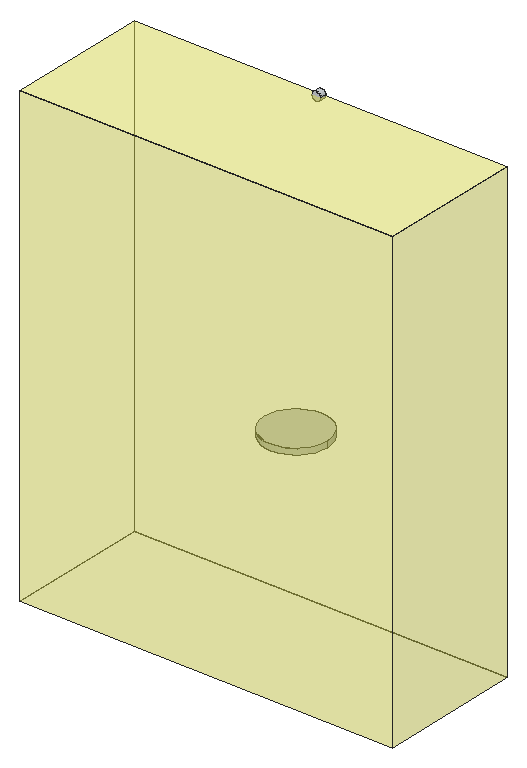
Revit family "SAN_Anschluss_WC_KW-AW", category Plumbing Fixtures, Revit 2015
Parameters
  Muffenstärke = 10 mm
  KW_Radius = 7.5 mm
  KW_Hoehe = 800 mm
  AW_UK = AW_Hoehe - Muffenstärke  # 290 mm
  AW_Radius = 55 mm
  AW_Hoehe = 300 mm
  AW_Durchfluss [instance] = 0.0 L/s
  ALG_Montageraum_Tiefe = 250 mm
  ALG_Montageraum_Sichtbar [instance] = yes
  ALG_Montageraum_Breite = 650 mm
  ALG_Montageraum_Base = KW_Hoehe / 2  # 400 mm
Reference planes
  plane 1 "Mitte (Vorne/hinten)": y = 0
  plane 2: z = 0
  plane 3 "Mitte (Links/rechts)": x = 0
Forms (mm)
  Extrusion 1, solid, detail levels medium+fine
    sketch origin (0, 0, 0) x (1, 0, 0) y (0, 0, 1)
      loop
        circle (0, 800) r 7.5
    from 0 to 10 <- "Muffenstärke"
  Extrusion 2, solid, detail levels medium+fine
    sketch origin (0, 0, 0) x (1, 0, 0) y (0, 1, 0)
      loop
        circle (0, -55) r 55
    from 290 <- "AW_UK" to 300 <- "AW_Hoehe"
Lines and regions (mm)
  symbolic lines
    curve 1: circle (0, 0, 0) r 45 normal (0, 0, 1)
    curve 2: circle (0, -105, 0) r 45 normal (0, 0, 1)
    curve 3: line (-105, 0, 0) -> (105, 0, 0)
  reference lines
    curve 4: line (-575.954, 0, 400) -> (644.046, 0, 400)
Dimensions and locks
  "KW_Hoehe": Extrusion 1 sketch curve to level
  "AW_Radius": Extrusion 2 sketch curve to plane 1 "Mitte (Vorne/hinten)"
  equal spacing: curve 3, plane 3 "Mitte (Links/rechts)", curve 3
  "ALG_Montageraum_Base": curve 4 to level
  "KW_Radius": radius of Extrusion 1 sketch curve
  "AW_Radius": radius of Extrusion 2 sketch curve
  aligned and locked: level to plane 2
  aligned and locked: plane 1 "Mitte (Vorne/hinten)" to nested 1
  aligned and locked: plane 3 "Mitte (Links/rechts)" to nested 1
Automatic sketch dimensions
  plane 1 "Mitte (Vorne/hinten)" to curve 3 = 0 mm
  curve 2 to plane 3 "Mitte (Links/rechts)" = 0 mm
  plane 1 "Mitte (Vorne/hinten)" to curve 1 = 0 mm
  curve 1 to plane 3 "Mitte (Links/rechts)" = 0 mm
  plane 1 "Mitte (Vorne/hinten)" to curve 2 = 105 mm
  curve 3 to plane 3 "Mitte (Links/rechts)" = 105 mm
  Extrusion 1 sketch curve to plane 3 "Mitte (Links/rechts)" = 0 mm
  Extrusion 2 sketch curve to plane 3 "Mitte (Links/rechts)" = 0 mm
  curve 4 to plane 3 "Mitte (Links/rechts)" = 575.954 mm
  plane 3 "Mitte (Links/rechts)" to curve 4 = 644.046 mm
  radius of curve 1 = 45 mm
  radius of curve 2 = 45 mm
Nested families
  nested 1: "ALG_Montageraum" at (0, 0, 400), built-in parameter 1001364 <- "ALG_Montageraum_Base", ALG_Montageraum_Breite <- "ALG_Montageraum_Breite", ALG_Montageraum_Höhe <- "KW_Hoehe", ALG_Montageraum_Tiefe <- "ALG_Montageraum_Tiefe", ALG_Montageraum_Sichtbar <- "ALG_Montageraum_Sichtbar", type "ALG_Montageraum"
    with ALG_Montageraum_Tiefe 250 mm, ALG_Montageraum_Sichtbar yes, ALG_Montageraum_Höhe 800 mm, ALG_Montageraum_Breite 650 mm
Connectors
  piping at (0, -10, 800), diameter 15, driven by "KW_Radius"
    settings: on Extrusion 1, index 2, connector inside diameter 15 mm, connector length 0 mm, flow factor 0, pipe flow 0.0 L/s, pressure drop 0.0 Pa, fitting loss kfactor 0, connector angle 0.00°, fixture units 0, engagement length 0 mm, angle of deflection 0.00°, flow configuration 0, flow direction 1, fitting loss method 4, system type 20, joint type 0, gender type 0, connector reference index -1, connector utility 0, adjustable connector no, is connector primary yes, connector description ""
  piping at (0, -55, 290), diameter 110, driven by "AW_Radius", driven by "AW_Durchfluss"
    settings: on Extrusion 2, index 3, connector inside diameter 609.6 mm, connector length 0 mm, flow factor 0, pipe flow 0.0 L/s, pressure drop 0.0 Pa, fitting loss kfactor 0, connector angle 0.00°, fixture units 0, engagement length 0 mm, angle of deflection 0.00°, flow configuration 0, flow direction 2, fitting loss method 0, system type 16, joint type 0, gender type 0, connector reference index -1, connector utility 0, adjustable connector no, is connector primary no, connector description ""
Definition of nested family "ALG_Montageraum"
  Parameters (values of type "ALG_Montageraum")
    ALG_Montageraum_Tiefe [instance] = 250 mm
    ALG_Montageraum_Sichtbar [instance] = yes
    ALG_Montageraum_Material = none
    ALG_Montageraum_Höhe [instance] = 600 mm
    ALG_Montageraum_Breite [instance] = 650 mm
  Reference planes
    plane 1 "Mitte (Vorne/Hinten)": y = 0
    plane 2: z = 0
    plane 3 "Mitte (Links/Rechts)": x = 0
  Forms (mm)
    Extrusion 1, solid, material <- "ALG_Montageraum_Material", visible <- "ALG_Montageraum_Sichtbar"
      sketch origin (0, 0, 0) x (1, 0, 0) y (0, 1, 0)
        loop
          line (-325, 0) -> (-325, -250) -> (325, -250) -> (325, 0) -> (-325, 0)
      from -300 to 300
  Lines and regions (mm)
    reference lines
      curve 1: line (-325, 390.703, 0) -> (-325, -718.296, 0)
      curve 2: line (325, 479.857, 0) -> (325, -718.296, 0)
      curve 3: line (-432.991, -250, 0) -> (453.486, -250, 0)
      curve 4: line (-1365.995, 0, 300) -> (1234.005, 0, 300)
      curve 5: line (-1256.599, 0, -300) -> (1234.005, 0, -300)
  Dimensions and locks
    equal spacing: curve 1, plane 3 "Mitte (Links/Rechts)", curve 2
    "ALG_Montageraum_Tiefe": curve 3 to plane 1 "Mitte (Vorne/Hinten)"
    "ALG_Montageraum_Breite": curve 1 to curve 2
    equal spacing: curve 4, plane 2, curve 5
    "ALG_Montageraum_Höhe": curve 4 to curve 5
    aligned and locked: level to plane 2
    aligned and locked: Extrusion 1 to plane 1 "Mitte (Vorne/Hinten)"
    aligned and locked: curve 1 to Extrusion 1
    aligned and locked: Extrusion 1 to curve 2
    aligned and locked: curve 3 to Extrusion 1
    aligned and locked: Extrusion 1 to curve 4
    aligned and locked: curve 5 to Extrusion 1
  Automatic sketch dimensions
    plane 1 "Mitte (Vorne/Hinten)" to Extrusion 1 sketch curve = 0 mm
    Extrusion 1 sketch curve to plane 3 "Mitte (Links/Rechts)" = 325 mm
    plane 3 "Mitte (Links/Rechts)" to Extrusion 1 sketch curve = 325 mm
    plane 1 "Mitte (Vorne/Hinten)" to Extrusion 1 sketch curve = 250 mm
    curve 3 to plane 3 "Mitte (Links/Rechts)" = 432.991 mm
    plane 3 "Mitte (Links/Rechts)" to curve 3 = 453.486 mm
    curve 2 to curve 3 = 468.296 mm
    curve 1 to curve 3 = 468.296 mm
    curve 1 to plane 1 "Mitte (Vorne/Hinten)" = 390.703 mm
    curve 2 to plane 1 "Mitte (Vorne/Hinten)" = 479.857 mm
    curve 4 to plane 3 "Mitte (Links/Rechts)" = 1365.995 mm
    curve 4 to curve 5 = 109.396 mm
    plane 3 "Mitte (Links/Rechts)" to curve 5 = 1234.005 mm
    curve 4 to curve 5 = 0 mm
